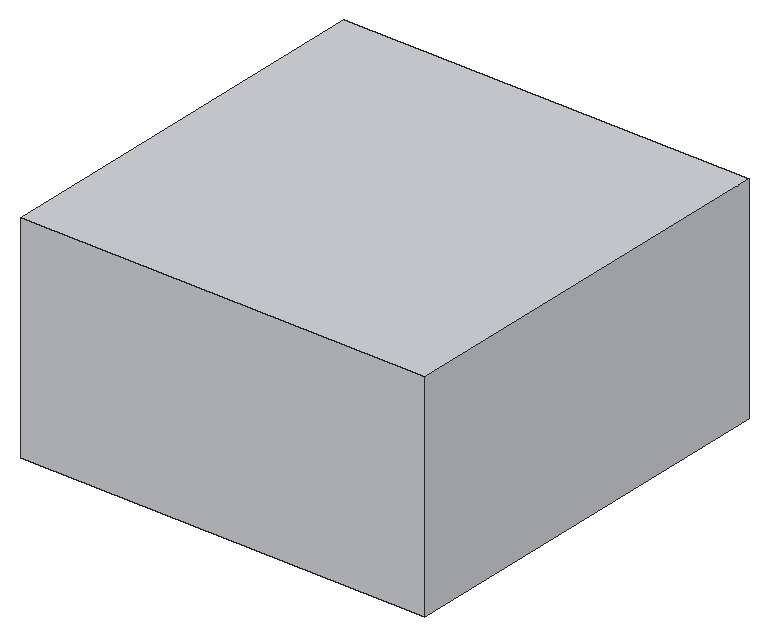
Revit family "5aa51a38d5414f18a02fa7a48bfc441e", category Telephone Devices, Revit 2021
Family settings
  Maintain Annotation Orientation = Yes
  Round Connector Dimension = Use Diameter
  Part Type = Junction Box
  OmniClass Number = 23.85.50.14
  OmniClass Title = Telephone and Intercommunication Equipment
  Seek Item ID = Junction Boxes - Telephone-0000-USA-ENU
  Work Plane-Based = No
  Always vertical = Yes
  Cut with Voids When Loaded = No
  Shared = No
  Room Calculation Point = No
Parameters (values of type "4" Square")
  Width = 0' - 4"
  Height = 0' - 4"
  Depth = 0' - 2 1/8"
  Default Elevation = 0' - 0"
Reference planes (in)
  plane 1 "Center (Front/Back)": y = 0
  plane 2: z = 0
  plane 3 "Center (Left/Right)": x = 0
  plane 4 "Back": y = 2
  plane 5 "Front": y = -2
  plane 6 "Left": x = -2
  plane 7 "Right": x = 2
  plane 8 "Top": z = 2.125
Forms (in)
  Extrusion 1, solid
    sketch origin (0, 0, 0) x (1, 0, 0) y (0, 1, 0)
      loop
        line (-2, 2) -> (-2, -2) -> (2, -2) -> (2, 2) -> (-2, 2)
    from 0 to 2.125
Lines and regions (in)
  model lines, detail levels fine
    curve 1: line (-2, 2, 0) -> (2, 2, 0)
    curve 2: line (-2, -2, 0) -> (-2, 2, 0)
    curve 3: line (2, -2, 0) -> (-2, -2, 0)
    curve 4: line (2, 2, 0) -> (2, -2, 0)
Dimensions and locks (in)
  equal spacing: plane 6 "Left", plane 3 "Center (Left/Right)", plane 7 "Right"
  "Height": plane 6 "Left" to plane 7 "Right"
  equal spacing: plane 5 "Front", plane 1 "Center (Front/Back)", plane 4 "Back"
  "Width": plane 5 "Front" to plane 4 "Back"
  "Depth": plane 8 "Top" to plane 2
  aligned and locked: plane 6 "Left" to Extrusion 1 sketch curve
  aligned and locked: plane 4 "Back" to Extrusion 1 sketch curve
  aligned and locked: plane 5 "Front" to Extrusion 1 sketch curve
  aligned and locked: Extrusion 1 sketch curve to plane 7 "Right"
  aligned and locked: plane 8 "Top" to Extrusion 1
  aligned and locked: curve 1 to Extrusion 1  (x2)
  aligned and locked: Extrusion 1 to curve 4
  aligned and locked: curve 4 to Extrusion 1
  aligned and locked: plane 3 "Center (Left/Right)" to nested 1
  aligned and locked: plane 1 "Center (Front/Back)" to nested 1
Nested families (in)
  nested 1: "Junction Boxes Annotation" at (0, 0, 0), type "Junction Boxes Annotation", detail levels coarse+medium
Connectors (in)
  electrical at (0, 0, 2.125)
    settings: on Extrusion 1, index 1, voltage 0 V, apparent load 0 VA, apparent load phase1 0 VA, apparent load phase2 0 VA, apparent load phase3 0 VA, power factor 1, load classification "Other", number of poles 1, system type 9, power factor state 1, is connector primary yes, connector utility no, sub classification motor no, connector description ""
Definition of nested family "Junction Boxes Annotation"
  Reference planes (in)
    plane 1: y = 0
    plane 2: x = 0
  Lines and regions (in)
    detail lines
      curve 1: circle (0, 0, 0) r 0.09375 normal (0, 0, 1)
  Text (in)
    text "J" at (0.00068, 0.06968, 0)
  Dimensions and locks (in)
    aligned and locked: plane 1 to curve 1
    aligned and locked: plane 2 to curve 1
